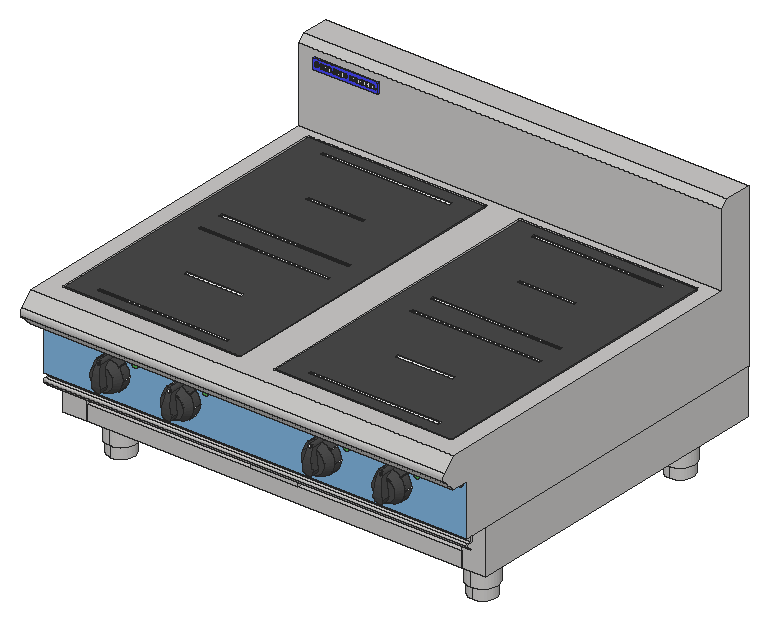
Revit family "QF_Moffat_IN514R5-B_Induction_Cooktop_cat", category Specialty Equipment, Revit 2019
Family settings
  Round Connector Dimension = Use Diameter
  Part Type = Normal
  Work Plane-Based = No
  Always vertical = Yes
  Cut with Voids When Loaded = No
  Shared = No
  Room Calculation Point = No
Parameters (values of type "IN514R5-B")
  Weight in Kilograms = 105
  Watts = 11200 W
  Volts = 400 V
  URL Cutsheet = ""
  Specification by User = ""
  Specification by Manufacturer = ""
  Show Logo [instance] = yes
  Serial Number = ""
  Seismic Rating = ""
  SMACNA No = ""
  Revision Code = ""
  Phase = 3
  Number of Poles = 1
  NAFEM Spec ID Number = ""
  Model = "IN514R5-B"
  Min Ckt Ampacity = 0 A
  Max Overcurrent Protection = 0 A
  Masterspec = ""
  Manufacturer = "Moffat"
  Length = 900 mm
  Item Number = ""
  Installed By = ""
  Identify Quantity as Lot = yes
  Height = 525 mm
  HP = ""
  Furnished By = ""
  Foodservice Equipment Identifier = yes
  FL Amps = 28 A
  Electrical Remarks = ""
  Electric Connection Type = ""
  Elec Conn RI Height = 0 mm
  Elec Conn Connection Height = 0 mm
  Description = "Induction Cooktop"
  Depth = 812.2 mm
  Cycle = 50 Hz
  Conn Plug = ""
  Conn Conduit = yes
  CSI MasterFormat = ""
  Apparent Power = if(Phase = 3, Volts * FL Amps * 1.73, Volts * FL Amps)  # 19376 VA
Reference planes
  plane 1 "BACK": y = 0
  plane 2: z = 0
  plane 3 "LEFT": x = 0
  plane 4 "RIGHT": x = 900
  plane 5 "FRONT": y = -812.2
  plane 6 "TOP": z = 525
  plane 7 "Center Y": x = 450
  plane 8 "Center X": y = -406.1
  plane 9: x = 65.5
  plane 10: x = 834.5
  plane 11: y = -30
  plane 12: x = 770
  plane 13: z = 180
  plane 14: y = -100
  plane 15: y = -625
  plane 16: z = 85
Forms (mm)
  Extrusion 1, solid, material "QF_Metal_Stainless_Polished"
    sketch origin (0, 0, 0) x (0, 1, 0) y (0, 0, 1)
      loop
        line (0, 180) -> (0, 525) -> (-57, 525) -> (-70, 512) -> (-70, 354.5) -> (-784.171, 354.5) -> (-808.685, 329.985)
        arc (-808.685, 329.985) -> (-812.2, 321.5) -> (-808.685, 313.015) r 12
        line (-808.685, 313.015) -> (-785.171, 289.5) -> (-749, 289.5) -> (-749, 180) -> (0, 180)
    from 0 to 900
  Extrusion 2, void
    sketch origin (0, -784.171, 354.5) x (0, 1, 0) y (-1, 0, 0)
      loop
        arc (44.671, -33.5) -> (40.428, -35.257) -> (38.671, -39.5) r 6
        line (38.671, -39.5) -> (38.671, -410.5)
        arc (38.671, -410.5) -> (40.428, -414.743) -> (44.671, -416.5) r 6
        line (44.671, -416.5) -> (690.671, -416.5)
        arc (690.671, -416.5) -> (694.913, -414.743) -> (696.671, -410.5) r 6
        line (696.671, -410.5) -> (696.671, -39.5)
        arc (696.671, -39.5) -> (694.913, -35.257) -> (690.671, -33.5) r 6
        line (690.671, -33.5) -> (44.671, -33.5)
      loop
        arc (44.671, -483.5) -> (40.428, -485.257) -> (38.671, -489.5) r 6
        line (38.671, -489.5) -> (38.671, -860.5)
        arc (38.671, -860.5) -> (40.428, -864.743) -> (44.671, -866.5) r 6
        line (44.671, -866.5) -> (690.671, -866.5)
        arc (690.671, -866.5) -> (694.913, -864.743) -> (696.671, -860.5) r 6
        line (696.671, -860.5) -> (696.671, -489.5)
        arc (696.671, -489.5) -> (694.913, -485.257) -> (690.671, -483.5) r 6
        line (690.671, -483.5) -> (44.671, -483.5)
    from 0 to -9.5
  Extrusion 3, solid, material "QF_Plastic_White_Smooth"
    sketch origin (0, -784.171, 345) x (0, 1, 0) y (-1, 0, 0)
      loop
        line (660.921, -362.5) -> (666.921, -362.5) -> (666.921, -87.5) -> (660.921, -87.5) -> (660.921, -362.5)
      loop
        line (526.421, -285) -> (532.421, -285) -> (532.421, -165) -> (526.421, -165) -> (526.421, -285)
      loop
        line (391.921, -362.5) -> (397.921, -362.5) -> (397.921, -87.5) -> (391.921, -87.5) -> (391.921, -362.5)
      loop
        line (343.421, -87.5) -> (337.421, -87.5) -> (337.421, -362.5) -> (343.421, -362.5) -> (343.421, -87.5)
      loop
        line (208.921, -165) -> (202.921, -165) -> (202.921, -285) -> (208.921, -285) -> (208.921, -165)
      loop
        line (68.421, -362.5) -> (74.421, -362.5) -> (74.421, -87.5) -> (68.421, -87.5) -> (68.421, -362.5)
      loop
        line (660.921, -537.5) -> (660.921, -812.5) -> (666.921, -812.5) -> (666.921, -537.5) -> (660.921, -537.5)
      loop
        line (526.421, -615) -> (526.421, -735) -> (532.421, -735) -> (532.421, -615) -> (526.421, -615)
      loop
        line (391.921, -537.5) -> (391.921, -812.5) -> (397.921, -812.5) -> (397.921, -537.5) -> (391.921, -537.5)
      loop
        line (343.421, -812.5) -> (343.421, -537.5) -> (337.421, -537.5) -> (337.421, -812.5) -> (343.421, -812.5)
      loop
        line (208.921, -735) -> (208.921, -615) -> (202.921, -615) -> (202.921, -735) -> (208.921, -735)
      loop
        line (68.421, -537.5) -> (68.421, -812.5) -> (74.421, -812.5) -> (74.421, -537.5) -> (68.421, -537.5)
    from 0 to 9.5
  Extrusion 4, solid, material "QF_Plastic_Black_Smooth"
    sketch origin (0, -784.171, 354.5) x (0, 1, 0) y (-1, 0, 0)
      loop
        line (690.671, -37.5) -> (44.671, -37.5)
        arc (44.671, -37.5) -> (43.256, -38.086) -> (42.671, -39.5) r 2
        line (42.671, -39.5) -> (42.671, -410.5)
        arc (42.671, -410.5) -> (43.256, -411.914) -> (44.671, -412.5) r 2
        line (44.671, -412.5) -> (690.671, -412.5)
        arc (690.671, -412.5) -> (692.085, -411.914) -> (692.671, -410.5) r 2
        line (692.671, -410.5) -> (692.671, -39.5)
        arc (692.671, -39.5) -> (692.085, -38.086) -> (690.671, -37.5) r 2
      loop
        line (690.671, -487.5) -> (44.671, -487.5)
        arc (44.671, -487.5) -> (43.256, -488.086) -> (42.671, -489.5) r 2
        line (42.671, -489.5) -> (42.671, -860.5)
        arc (42.671, -860.5) -> (43.256, -861.914) -> (44.671, -862.5) r 2
        line (44.671, -862.5) -> (690.671, -862.5)
        arc (690.671, -862.5) -> (692.085, -861.914) -> (692.671, -860.5) r 2
        line (692.671, -860.5) -> (692.671, -489.5)
        arc (692.671, -489.5) -> (692.085, -488.086) -> (690.671, -487.5) r 2
      loop
        line (666.921, -812.5) -> (666.921, -537.5) -> (660.921, -537.5) -> (660.921, -812.5) -> (666.921, -812.5)
      loop
        line (532.421, -735) -> (532.421, -615) -> (526.421, -615) -> (526.421, -735) -> (532.421, -735)
      loop
        line (397.921, -812.5) -> (397.921, -537.5) -> (391.921, -537.5) -> (391.921, -812.5) -> (397.921, -812.5)
      loop
        line (337.421, -812.5) -> (343.421, -812.5) -> (343.421, -537.5) -> (337.421, -537.5) -> (337.421, -812.5)
      loop
        line (208.921, -615) -> (202.921, -615) -> (202.921, -735) -> (208.921, -735) -> (208.921, -615)
      loop
        line (68.421, -812.5) -> (74.421, -812.5) -> (74.421, -537.5) -> (68.421, -537.5) -> (68.421, -812.5)
      loop
        line (68.421, -362.5) -> (74.421, -362.5) -> (74.421, -87.5) -> (68.421, -87.5) -> (68.421, -362.5)
      loop
        line (202.921, -285) -> (208.921, -285) -> (208.921, -165) -> (202.921, -165) -> (202.921, -285)
      loop
        line (337.421, -362.5) -> (343.421, -362.5) -> (343.421, -87.5) -> (337.421, -87.5) -> (337.421, -362.5)
      loop
        line (391.921, -87.5) -> (391.921, -362.5) -> (397.921, -362.5) -> (397.921, -87.5) -> (391.921, -87.5)
      loop
        line (526.421, -165) -> (526.421, -285) -> (532.421, -285) -> (532.421, -165) -> (526.421, -165)
      loop
        line (666.921, -362.5) -> (666.921, -87.5) -> (660.921, -87.5) -> (660.921, -362.5) -> (666.921, -362.5)
    from 0 to -9.5
  Extrusion 5, solid, material "QF_Metal_Stainless_Polished"
    sketch origin (0, 0, 40) x (0, 1, 0) y (0, 0, 1)
      loop
        line (-737.8, 140) -> (-737.8, 130) -> (-747.305, 130)
        arc (-747.305, 130) -> (-750.276, 128.015) -> (-749.579, 124.511) r 3.215
        line (-749.579, 124.511) -> (-739.05, 113.982) -> (-737.919, 115.113) -> (-748.447, 125.642)
        arc (-748.447, 125.642) -> (-748.797, 127.403) -> (-747.305, 128.4) r 1.615
        line (-747.305, 128.4) -> (-736.2, 128.4) -> (-736.2, 140) -> (-737.8, 140)
    from 0 to 900
  Extrusion 6, solid, material "QF_Plastic_Black_Smooth"
    sketch origin (0, -749, 181.875) x (0, 0, 1) y (-1, 0, 0)
      loop
        circle (99.343, -13.157) r 5
      loop
        circle (99.343, -886.843) r 5
      loop
        circle (99.343, -150) r 5
      loop
        circle (99.343, -300) r 5
      loop
        circle (99.343, -600) r 5
      loop
        circle (99.343, -750) r 5
    from 0 to 1.6
  Extrusion 7, solid, material "QF_Metal_Stainless_Polished"
    sketch origin (0, -699, 85) x (0, 1, 0) y (1, 0, 0)
      loop
        circle (669, 770) r 6.35
    from 0 to 1.6
  Extrusion 8, solid, material "QF_Metal_Stainless_Polished"
    sketch origin (0, -699, 85) x (1, 0, 0) y (0, -1, 0)
      loop
        line (0, -699) -> (900, -699) -> (900, 0) -> (849.2, 0) -> (849.2, -25.4) -> (50.8, -25.4) -> (50.8, 0) -> (0, 0) -> (0, -699)
    from 0 to -95
  Revolve 9, solid, material "QF_Metal_Stainless_Polished"
    sketch origin (65.5, -4572, -304.8) x (0, 0, -1) y (0, -1, 0)
      loop
        line (-304.8, -4499.5) -> (-304.8, -4472) -> (-389.8, -4472) -> (-389.8, -4503.75) -> (-329.8, -4503.75) -> (-329.8, -4499.5) -> (-304.8, -4499.5)
      axis (-389.8, -4472) -> (-304.8, -4472)
    angle from 0 to 360
  Revolve 10, solid, material "QF_Metal_Stainless_Polished"
    sketch origin (65.5, -4572, -304.8) x (0, 0, -1) y (0, -1, 0)
      loop
        line (-304.8, -3974.5) -> (-304.8, -3947) -> (-389.8, -3947) -> (-389.8, -3978.75) -> (-329.8, -3978.75) -> (-329.8, -3974.5) -> (-304.8, -3974.5)
      axis (-389.8, -3947) -> (-304.8, -3947)
    angle from 0 to 360
  Revolve 11, solid, material "QF_Metal_Stainless_Polished"
    sketch origin (834.5, -4572, -304.8) x (0, 0, -1) y (0, 1, 0)
      loop
        line (-304.8, 4499.5) -> (-329.8, 4499.5) -> (-329.8, 4503.75) -> (-389.8, 4503.75) -> (-389.8, 4472) -> (-304.8, 4472) -> (-304.8, 4499.5)
      axis (-389.8, 4472) -> (-304.8, 4472)
    angle from 0 to 360
  Revolve 12, solid, material "QF_Metal_Stainless_Polished"
    sketch origin (834.5, -4572, -304.8) x (0, 0, -1) y (0, 1, 0)
      loop
        line (-304.8, 3974.5) -> (-329.8, 3974.5) -> (-329.8, 3978.75) -> (-389.8, 3978.75) -> (-389.8, 3947) -> (-304.8, 3947) -> (-304.8, 3974.5)
      axis (-389.8, 3947) -> (-304.8, 3947)
    angle from 0 to 360
  Extrusion 13, solid, material "QF_Paint_Green"
    sketch origin (-87.5, -749, 181.7) x (0, 0, 1) y (-1, 0, 0)
      loop
        circle (84.8, -282.5) r 7.15
    from 0 to 1.6
  Extrusion 14, solid, material "QF_Paint_Green"
    sketch origin (62.5, -749, 181.7) x (0, 0, 1) y (-1, 0, 0)
      loop
        circle (84.8, -282.5) r 7.15
    from 0 to 1.6
  Extrusion 15, solid, material "QF_Paint_Green"
    sketch origin (362.5, -749, 181.7) x (0, 0, 1) y (-1, 0, 0)
      loop
        circle (84.8, -282.5) r 7.15
    from 0 to 1.6
  Extrusion 16, solid, material "QF_Paint_Green"
    sketch origin (512.5, -749, 181.7) x (0, 0, 1) y (-1, 0, 0)
      loop
        circle (84.8, -282.5) r 7.15
    from 0 to 1.6
  Extrusion 17, solid, material "QF_Metal_Stainless_Polished"
    sketch origin (849.2, -673.6, 85) x (-1, 0, 0) y (0, 0, -1)
      loop
        line (798.4, -32.7) -> (798.4, 0) -> (0, 0) -> (0, -32.7) -> (798.4, -32.7)
      loop
        line (798.4, -42.7) -> (450, -42.7) -> (450, -66.4) -> (798.4, -66.4) -> (798.4, -42.7)
      loop
        line (0, -67.4) -> (0, -95) -> (798.4, -95) -> (798.4, -67.4) -> (0, -67.4)
      loop
        line (348.4, -42.7) -> (0, -42.7) -> (0, -66.4) -> (348.4, -66.4) -> (348.4, -42.7)
    from 0 to 25.4
  Extrusion 18, solid, material "QF_Metal_Stainless_Polished"
    sketch origin (849.2, -673.6, 85) x (1, 0, 0) y (0, 0, -1)
      loop
        line (-450, -67.4) -> (-348.4, -67.4) -> (-348.4, -32.7) -> (-450, -32.7) -> (-450, -67.4)
    from 0 to -25.4
Cuts and joins
  Extrusion 2 cuts Extrusion 1
Lines and regions (mm)
  symbolic lines
    curve 1: line (0, 0, 0) -> (900, 0, 0)
    curve 2: line (0, -812.2, 0) -> (0, 0, 0)
    curve 3: line (900, -812.2, 0) -> (0, -812.2, 0)
    curve 4: line (900, 0, 0) -> (900, -812.2, 0)
    curve 5: line (0, -57, 0) -> (900, -57, 0)
    curve 6: line (0, -70, 0) -> (900, -70, 0)
    curve 7: line (0, -784.171, 0) -> (900, -784.171, 0)
    curve 8: line (410.5, -745.5, 0) -> (39.5, -745.5, 0)
    curve 9: arc (39.5, -745.5, 0) -> (35.257, -743.743, 0) -> (33.5, -739.5, 0) r 6
    curve 10: line (33.5, -739.5, 0) -> (33.5, -93.5, 0)
    curve 11: arc (33.5, -93.5, 0) -> (35.257, -89.257, 0) -> (39.5, -87.5, 0) r 6
    curve 12: line (39.5, -87.5, 0) -> (410.5, -87.5, 0)
    curve 13: arc (410.5, -87.5, 0) -> (414.743, -89.257, 0) -> (416.5, -93.5, 0) r 6
    curve 14: line (416.5, -93.5, 0) -> (416.5, -739.5, 0)
    curve 15: arc (416.5, -739.5, 0) -> (414.743, -743.743, 0) -> (410.5, -745.5, 0) r 6
    curve 16: line (39.5, -741.5, 0) -> (410.5, -741.5, 0)
    curve 17: arc (410.5, -741.5, 0) -> (411.914, -740.914, 0) -> (412.5, -739.5, 0) r 2
    curve 18: line (412.5, -739.5, 0) -> (412.5, -93.5, 0)
    curve 19: arc (412.5, -93.5, 0) -> (411.914, -92.086, 0) -> (410.5, -91.5, 0) r 2
    curve 20: line (410.5, -91.5, 0) -> (39.5, -91.5, 0)
    curve 21: arc (39.5, -91.5, 0) -> (38.086, -92.086, 0) -> (37.5, -93.5, 0) r 2
    curve 22: line (37.5, -93.5, 0) -> (37.5, -739.5, 0)
    curve 23: arc (37.5, -739.5, 0) -> (38.086, -740.914, 0) -> (39.5, -741.5, 0) r 2
    curve 24: line (362.5, -715.75, 0) -> (87.5, -715.75, 0)
    curve 25: line (87.5, -715.75, 0) -> (87.5, -709.75, 0)
    curve 26: line (87.5, -709.75, 0) -> (362.5, -709.75, 0)
    curve 27: line (362.5, -709.75, 0) -> (362.5, -715.75, 0)
    curve 28: line (285, -581.25, 0) -> (165, -581.25, 0)
    curve 29: line (165, -581.25, 0) -> (165, -575.25, 0)
    curve 30: line (165, -575.25, 0) -> (285, -575.25, 0)
    curve 31: line (285, -575.25, 0) -> (285, -581.25, 0)
    curve 32: line (362.5, -446.75, 0) -> (87.5, -446.75, 0)
    curve 33: line (87.5, -446.75, 0) -> (87.5, -440.75, 0)
    curve 34: line (87.5, -440.75, 0) -> (362.5, -440.75, 0)
    curve 35: line (362.5, -440.75, 0) -> (362.5, -446.75, 0)
    curve 36: line (362.5, -392.25, 0) -> (87.5, -392.25, 0)
    curve 37: line (87.5, -392.25, 0) -> (87.5, -386.25, 0)
    curve 38: line (87.5, -386.25, 0) -> (362.5, -386.25, 0)
    curve 39: line (362.5, -386.25, 0) -> (362.5, -392.25, 0)
    curve 40: line (285, -257.75, 0) -> (165, -257.75, 0)
    curve 41: line (165, -257.75, 0) -> (165, -251.75, 0)
    curve 42: line (165, -251.75, 0) -> (285, -251.75, 0)
    curve 43: line (285, -251.75, 0) -> (285, -257.75, 0)
    curve 44: line (362.5, -123.25, 0) -> (87.5, -123.25, 0)
    curve 45: line (87.5, -123.25, 0) -> (87.5, -117.25, 0)
    curve 46: line (87.5, -117.25, 0) -> (362.5, -117.25, 0)
    curve 47: line (362.5, -117.25, 0) -> (362.5, -123.25, 0)
    curve 48: line (860.5, -91.5, 0) -> (489.5, -91.5, 0)
    curve 49: arc (489.5, -91.5, 0) -> (488.086, -92.086, 0) -> (487.5, -93.5, 0) r 2
    curve 50: line (487.5, -93.5, 0) -> (487.5, -739.5, 0)
    curve 51: arc (487.5, -739.5, 0) -> (488.086, -740.914, 0) -> (489.5, -741.5, 0) r 2
    curve 52: line (489.5, -741.5, 0) -> (860.5, -741.5, 0)
    curve 53: arc (860.5, -741.5, 0) -> (861.914, -740.914, 0) -> (862.5, -739.5, 0) r 2
    curve 54: line (862.5, -739.5, 0) -> (862.5, -93.5, 0)
    curve 55: arc (862.5, -93.5, 0) -> (861.914, -92.086, 0) -> (860.5, -91.5, 0) r 2
    curve 56: line (489.5, -87.5, 0) -> (860.5, -87.5, 0)
    curve 57: arc (860.5, -87.5, 0) -> (864.743, -89.257, 0) -> (866.5, -93.5, 0) r 6
    curve 58: line (866.5, -93.5, 0) -> (866.5, -739.5, 0)
    curve 59: arc (866.5, -739.5, 0) -> (864.743, -743.743, 0) -> (860.5, -745.5, 0) r 6
    curve 60: line (860.5, -745.5, 0) -> (489.5, -745.5, 0)
    curve 61: arc (489.5, -745.5, 0) -> (485.257, -743.743, 0) -> (483.5, -739.5, 0) r 6
    curve 62: line (483.5, -739.5, 0) -> (483.5, -93.5, 0)
    curve 63: arc (483.5, -93.5, 0) -> (485.257, -89.257, 0) -> (489.5, -87.5, 0) r 6
    curve 64: line (537.5, -117.25, 0) -> (812.5, -117.25, 0)
    curve 65: line (812.5, -117.25, 0) -> (812.5, -123.25, 0)
    curve 66: line (812.5, -123.25, 0) -> (537.5, -123.25, 0)
    curve 67: line (537.5, -123.25, 0) -> (537.5, -117.25, 0)
    curve 68: line (735, -257.75, 0) -> (615, -257.75, 0)
    curve 69: line (615, -257.75, 0) -> (615, -251.75, 0)
    curve 70: line (615, -251.75, 0) -> (735, -251.75, 0)
    curve 71: line (735, -251.75, 0) -> (735, -257.75, 0)
    curve 72: line (537.5, -386.25, 0) -> (812.5, -386.25, 0)
    curve 73: line (812.5, -386.25, 0) -> (812.5, -392.25, 0)
    curve 74: line (812.5, -392.25, 0) -> (537.5, -392.25, 0)
    curve 75: line (537.5, -392.25, 0) -> (537.5, -386.25, 0)
    curve 76: line (812.5, -446.75, 0) -> (537.5, -446.75, 0)
    curve 77: line (537.5, -446.75, 0) -> (537.5, -440.75, 0)
    curve 78: line (537.5, -440.75, 0) -> (812.5, -440.75, 0)
    curve 79: line (812.5, -440.75, 0) -> (812.5, -446.75, 0)
    curve 80: line (735, -581.25, 0) -> (615, -581.25, 0)
    curve 81: line (615, -581.25, 0) -> (615, -575.25, 0)
    curve 82: line (615, -575.25, 0) -> (735, -575.25, 0)
    curve 83: line (735, -575.25, 0) -> (735, -581.25, 0)
    curve 84: line (812.5, -715.75, 0) -> (537.5, -715.75, 0)
    curve 85: line (537.5, -715.75, 0) -> (537.5, -709.75, 0)
    curve 86: line (537.5, -709.75, 0) -> (812.5, -709.75, 0)
    curve 87: line (812.5, -709.75, 0) -> (812.5, -715.75, 0)
Dimensions and locks
  equal spacing: plane 3 "LEFT", plane 7 "Center Y", plane 4 "RIGHT"
  "Length": plane 3 "LEFT" to plane 4 "RIGHT"
  equal spacing: plane 5 "FRONT", plane 8 "Center X", plane 1 "BACK"
  "Depth": plane 5 "FRONT" to plane 1 "BACK"
  "Height": plane 6 "TOP" to level
  plane 9 to plane 10 = 769 mm
  plane 4 "RIGHT" to plane 3 "LEFT" = 900 mm
  plane 1 "BACK" to cut or joined group of Extrusion 1, Extrusion 2 = 70 mm
  plane 1 "BACK" to plane 5 "FRONT" = 812.2 mm
  plane 6 "TOP" to plane 2 = 525 mm
  cut or joined group of Extrusion 1, Extrusion 2 to plane 2 = 354.5 mm
  locked: plane 12 to plane 4 "RIGHT" at 130
  plane 1 "BACK" to plane 11 = 30 mm
  plane 1 "BACK" to plane 14 to plane 15 = 100 mm, 525 mm
  plane 16 to plane 2 = 85 mm
  aligned and locked: level to plane 2
Automatic sketch dimensions
  Extrusion 1 sketch curve to plane 6 "TOP" = 0 mm
  Extrusion 1 sketch curve to plane 1 "BACK" = 0 mm
  plane 11 to Extrusion 1 sketch curve = 27 mm
  Extrusion 1 sketch curve to plane 6 "TOP" = 13 mm
  Extrusion 1 sketch curve to Extrusion 1 sketch curve = 13 mm
  Extrusion 1 sketch curve to plane 5 "FRONT" = 63.2 mm
  Extrusion 1 sketch curve to plane 5 "FRONT" = 28.029 mm
  Extrusion 1 sketch curve to plane 5 "FRONT" = 27.029 mm
  Extrusion 1 sketch curve to plane 5 "FRONT" = 12 mm
  Extrusion 1 sketch curve to plane 5 "FRONT" = 3.515 mm  (x2)
  Extrusion 1 sketch curve to plane 6 "TOP" = 170.5 mm
  Extrusion 1 sketch curve to Extrusion 1 sketch curve = 24.515 mm
  Extrusion 1 sketch curve to Extrusion 1 sketch curve = 8.485 mm
  Extrusion 1 sketch curve to Extrusion 1 sketch curve = 32 mm
  Extrusion 1 sketch curve to plane 13 = 0 mm
  Extrusion 5 sketch curve to Extrusion 5 sketch curve = 0 mm  (x2)
  plane 13 to Extrusion 5 sketch curve = 15.489 mm
  Extrusion 5 sketch curve to plane 5 "FRONT" = 62.621 mm
  plane 13 to Extrusion 5 sketch curve = 14.358 mm
  Extrusion 5 sketch curve to Extrusion 5 sketch curve = 1.131 mm
  Extrusion 5 sketch curve to Extrusion 5 sketch curve = 1.142 mm  (x2)
  plane 13 to Extrusion 5 sketch curve = 26.018 mm
  Extrusion 5 sketch curve to Extrusion 5 sketch curve = 10.529 mm
  Extrusion 5 sketch curve to Extrusion 5 sketch curve = 9.505 mm
  Extrusion 5 sketch curve to plane 13 = 0 mm
  Extrusion 5 sketch curve to Extrusion 5 sketch curve = 1.6 mm
  Extrusion 8 to Extrusion 7 sketch curve = 30 mm
  Extrusion 7 sketch curve to Extrusion 8 = 79.2 mm
  plane 1 "BACK" to Extrusion 8 sketch curve = 0 mm
  Extrusion 8 sketch curve to plane 3 "LEFT" = 0 mm
  Extrusion 8 sketch curve to plane 4 "RIGHT" = 0 mm
  plane 9 to Extrusion 8 sketch curve = 14.7 mm
  Extrusion 8 sketch curve to plane 10 = 14.7 mm
  plane 15 to Extrusion 8 sketch curve = 48.6 mm
  Extrusion 8 sketch curve to Extrusion 8 sketch curve = 25.4 mm  (x2)
  Revolve 9 sketch curve to plane 14 = 0 mm  (x2)
  Revolve 9 sketch curve to plane 16 = 0 mm
  Revolve 9 sketch curve to level = 0 mm  (x2)
  level to Revolve 9 sketch curve = 25 mm
  Revolve 9 sketch curve to plane 14 = 27.5 mm
  Revolve 9 sketch curve to plane 14 = 31.75 mm
  Revolve 9 sketch curve to Revolve 9 sketch curve = 25 mm
  Revolve 10 sketch curve to plane 15 = 0 mm  (x2)
  Revolve 10 sketch curve to plane 16 = 0 mm
  Revolve 10 sketch curve to level = 0 mm  (x2)
  level to Revolve 10 sketch curve = 25 mm
  Revolve 10 sketch curve to plane 15 = 27.5 mm
  Revolve 10 sketch curve to plane 15 = 31.75 mm
  Revolve 10 sketch curve to Revolve 10 sketch curve = 25 mm
  Revolve 11 sketch curve to plane 14 = 0 mm  (x2)
  Revolve 11 sketch curve to plane 16 = 0 mm
  Revolve 11 sketch curve to level = 0 mm  (x2)
  level to Revolve 11 sketch curve = 25 mm
  Revolve 11 sketch curve to plane 14 = 27.5 mm
  Revolve 11 sketch curve to Revolve 11 sketch curve = 4.25 mm
  Revolve 11 sketch curve to Revolve 11 sketch curve = 25 mm
  Revolve 12 sketch curve to plane 15 = 0 mm  (x2)
  Revolve 12 sketch curve to plane 16 = 0 mm
  Revolve 12 sketch curve to level = 0 mm  (x2)
  level to Revolve 12 sketch curve = 25 mm
  Revolve 12 sketch curve to plane 15 = 27.5 mm
  Revolve 12 sketch curve to Revolve 12 sketch curve = 4.25 mm
  Revolve 12 sketch curve to Revolve 12 sketch curve = 25 mm
  Extrusion 1 to Extrusion 13 sketch curve = 23 mm
  Extrusion 1 to Extrusion 13 sketch curve = 195 mm
  Extrusion 1 to Extrusion 14 sketch curve = 23 mm
  Extrusion 1 to Extrusion 14 sketch curve = 345 mm
  Extrusion 1 to Extrusion 15 sketch curve = 23 mm
  Extrusion 1 to Extrusion 15 sketch curve = 255 mm
  Extrusion 1 to Extrusion 16 sketch curve = 23 mm
  Extrusion 1 to Extrusion 16 sketch curve = 105 mm
  Extrusion 17 sketch curve to Extrusion 8 = 0 mm  (x8)
  Extrusion 8 to Extrusion 17 sketch curve = 42.7 mm
  Extrusion 17 sketch curve to Extrusion 8 = 348.4 mm
  Extrusion 8 to Extrusion 17 sketch curve = 28.6 mm
  Extrusion 17 sketch curve to Extrusion 17 sketch curve = 101.6 mm
  Extrusion 17 sketch curve to Extrusion 17 sketch curve = 24.7 mm
  Extrusion 17 sketch curve to Extrusion 17 sketch curve = 23.7 mm  (x2)
  Extrusion 17 sketch curve to Extrusion 17 sketch curve = 10 mm
  Extrusion 18 sketch curve to Extrusion 17 = 0 mm  (x3)
  Extrusion 17 to Extrusion 18 sketch curve = 0 mm
  Extrusion 2 sketch curve to Extrusion 1 = 38.671 mm  (x2)
  Extrusion 2 sketch curve to Extrusion 2 sketch curve = 6 mm  (x6)
  Extrusion 1 to Extrusion 2 sketch curve = 23.5 mm  (x4)
  Extrusion 1 to Extrusion 2 sketch curve = 416.5 mm
  Extrusion 1 to Extrusion 2 sketch curve = 39.5 mm  (x2)
  Extrusion 2 sketch curve to Extrusion 2 sketch curve = 67 mm
  Extrusion 4 sketch curve to Extrusion 1 = 42.671 mm  (x2)
  Extrusion 4 sketch curve to Extrusion 4 sketch curve = 2 mm  (x6)
  Extrusion 1 to Extrusion 4 sketch curve = 23.5 mm  (x4)
  Extrusion 1 to Extrusion 4 sketch curve = 412.5 mm
  Extrusion 1 to Extrusion 4 sketch curve = 39.5 mm  (x2)
  Extrusion 4 sketch curve to Extrusion 4 sketch curve = 75 mm
  Extrusion 1 to Extrusion 4 sketch curve = 53.25 mm  (x2)
  Extrusion 4 sketch curve to Extrusion 4 sketch curve = 6 mm  (x12)
  Extrusion 4 sketch curve to Extrusion 4 sketch curve = 48 mm  (x8)
  Extrusion 4 sketch curve to Extrusion 4 sketch curve = 134.5 mm  (x3)
  Extrusion 4 sketch curve to Extrusion 4 sketch curve = 77.5 mm  (x6)
  Extrusion 4 sketch curve to Extrusion 4 sketch curve = 120 mm  (x4)
  Extrusion 1 to Extrusion 4 sketch curve = 87.5 mm  (x2)
  Extrusion 4 sketch curve to Extrusion 4 sketch curve = 54.5 mm
  Extrusion 4 sketch curve to Extrusion 4 sketch curve = 0 mm  (x4)
  Extrusion 4 sketch curve to Extrusion 4 sketch curve = 23.75 mm  (x2)
  Extrusion 4 sketch curve to Extrusion 4 sketch curve = 128.5 mm  (x3)
  Extrusion 4 sketch curve to Extrusion 4 sketch curve = 48.5 mm
  Extrusion 3 sketch curve to Extrusion 2 = 29.75 mm  (x2)
  Extrusion 3 sketch curve to Extrusion 3 sketch curve = 6 mm  (x12)
  Extrusion 3 sketch curve to Extrusion 3 sketch curve = 128.5 mm  (x6)
  Extrusion 3 sketch curve to Extrusion 2 = 54 mm  (x13)
  Extrusion 3 sketch curve to Extrusion 3 sketch curve = 48.5 mm  (x2)
  Extrusion 3 sketch curve to Extrusion 2 = 35.75 mm  (x2)
  Extrusion 3 sketch curve to Extrusion 3 sketch curve = 0 mm  (x3)
  Extrusion 3 sketch curve to Extrusion 2 = 131.5 mm  (x4)
  Extrusion 3 sketch curve to Extrusion 3 sketch curve = 120 mm  (x4)
  Extrusion 1 to Extrusion 6 sketch curve = 8.282 mm  (x6)
  Extrusion 1 to Extrusion 6 sketch curve = 13.157 mm  (x2)
  Extrusion 6 sketch curve to Extrusion 6 sketch curve = 136.843 mm
  Extrusion 6 sketch curve to Extrusion 6 sketch curve = 150 mm
  Extrusion 1 to Extrusion 6 sketch curve = 300 mm
  Extrusion 1 to Extrusion 6 sketch curve = 150 mm
  curve 3 to plane 3 "LEFT" = 0 mm
  curve 3 to plane 4 "RIGHT" = 0 mm
  plane 5 "FRONT" to curve 3 = 0 mm
  plane 1 "BACK" to curve 2 = 0 mm
  plane 11 to curve 5 = 27 mm
  curve 6 to curve 5 = 13 mm
  curve 3 to curve 7 = 28.029 mm
  plane 9 to curve 10 = 32 mm
  curve 10 to curve 12 = 6 mm
  curve 9 to curve 8 = 6 mm
  curve 8 to plane 7 "Center Y" = 39.5 mm
  curve 13 to plane 14 = 6.5 mm
  curve 13 to plane 7 "Center Y" = 39.5 mm
  curve 15 to curve 14 = 6 mm
  curve 7 to curve 8 = 38.671 mm
  curve 9 to curve 23 = 0 mm  (x2)
  curve 11 to curve 21 = 0 mm  (x2)
  curve 13 to curve 19 = 0 mm  (x2)
  curve 15 to curve 17 = 0 mm
  curve 22 to curve 11 = 2 mm
  curve 24 to plane 9 = 22 mm
  curve 26 to curve 17 = 48 mm
  curve 23 to curve 25 = 23.75 mm
  curve 24 to curve 26 = 6 mm
  curve 29 to plane 15 = 43.75 mm
  curve 29 to plane 9 = 99.5 mm
  curve 28 to curve 28 = 120 mm
  curve 28 to curve 31 = 6 mm
  curve 32 to plane 9 = 22 mm
  curve 35 to plane 8 "Center X" = 40.65 mm
  curve 35 to plane 7 "Center Y" = 87.5 mm
  curve 32 to curve 34 = 6 mm
  curve 38 to plane 9 = 22 mm
  plane 8 "Center X" to curve 36 = 13.85 mm
  curve 36 to curve 34 = 0 mm
  curve 36 to curve 38 = 6 mm
  curve 40 to plane 9 = 99.5 mm
  curve 40 to curve 43 = 120 mm
  plane 8 "Center X" to curve 40 = 148.35 mm
  curve 40 to curve 42 = 6 mm
  curve 46 to plane 9 = 22 mm
  plane 14 to curve 47 = 23.25 mm
  curve 47 to curve 19 = 48 mm
  curve 44 to curve 47 = 6 mm
  plane 7 "Center Y" to curve 50 = 37.5 mm
  curve 50 to curve 52 = 2 mm
  curve 49 to curve 49 = 2 mm
  curve 53 to plane 10 = 26 mm
  curve 55 to plane 14 = 6.5 mm
  curve 55 to plane 10 = 26 mm
  curve 55 to curve 54 = 2 mm
  curve 7 to curve 52 = 42.671 mm
  curve 49 to curve 63 = 0 mm  (x2)
  curve 51 to curve 61 = 0 mm  (x2)
  curve 53 to curve 59 = 0 mm  (x2)
  curve 55 to curve 57 = 0 mm
  curve 62 to curve 50 = 4 mm
  plane 14 to curve 67 = 17.25 mm
  curve 49 to curve 67 = 48 mm
  plane 10 to curve 65 = 22 mm
  curve 65 to curve 64 = 6 mm
  plane 12 to curve 69 = 155 mm
  plane 12 to curve 70 = 35 mm
  plane 8 "Center X" to curve 68 = 148.35 mm
  curve 68 to curve 71 = 6 mm
  plane 8 "Center X" to curve 72 = 19.85 mm
  plane 7 "Center Y" to curve 72 = 87.5 mm
  plane 10 to curve 72 = 22 mm
  curve 73 to curve 72 = 6 mm
  curve 78 to curve 74 = 0 mm
  plane 10 to curve 76 = 22 mm
  curve 77 to plane 8 "Center X" = 40.65 mm
  curve 76 to curve 78 = 6 mm
  curve 81 to plane 15 = 49.75 mm
  curve 76 to curve 81 = 77.5 mm
  plane 12 to curve 83 = 35 mm
  curve 83 to curve 82 = 6 mm
  curve 51 to curve 84 = 48 mm
  plane 10 to curve 84 = 22 mm
  curve 53 to curve 87 = 23.75 mm
  curve 84 to curve 87 = 6 mm
  radius of Extrusion 7 sketch curve = 6.35 mm
  radius of Extrusion 13 sketch curve = 7.15 mm
  radius of Extrusion 14 sketch curve = 7.15 mm
  radius of Extrusion 15 sketch curve = 7.15 mm
  radius of Extrusion 16 sketch curve = 7.15 mm
  radius of Extrusion 6 sketch curve = 5 mm  (x6)
Nested families
  nested 1: "QF_LOGO_BLue Seal" at (32, -70, 474.385), visible <- "Show Logo", type "QF_LOGO_BLue Seal"
  nested 2: "Knob" at (117.5, -739.5, 204.5), type "Knob"
  nested 3: "Knob" at (267.5, -739.5, 204.5), type "Knob"
  nested 4: "Knob" at (567.5, -739.5, 204.5), type "Knob"
  nested 5: "Knob" at (717.5, -739.5, 204.5), type "Knob"
Connectors
  electrical at (770, -30, 83.4), driven by "Volts", driven by "Watts"
    settings: on Extrusion 7, index 1, voltage 400 V, apparent load 11200 VA, apparent load phase1 0 VA, apparent load phase2 0 VA, apparent load phase3 0 VA, power factor 1, load classification "Other", number of poles 1, system type 30, power factor state 1, is connector primary yes, connector utility no, sub classification motor no, connector description "Electrical Connection"
Definition of nested family "QF_LOGO_BLue Seal"
  Parameters (values of type "QF_LOGO_BLue Seal")
    Weight in Pounds = 0
    URL Cutsheet = ""
    Specification by User = ""
    Specification by Manufacturer = ""
    Serial Number = ""
    Seismic Rating = ""
    SMACNA No = ""
    Revision Code = ""
    NAFEM Spec ID Number = ""
    Masterspec = ""
    Length = 138 mm
    Item Number = ""
    Installed By = ""
    Identify Quantity as Lot = yes
    Height = 23 mm
    Furnished By = ""
    Foodservice Equipment Identifier = yes
    Depth = 3.175 mm
    CSI MasterFormat = ""
  Reference planes
    plane 1 "BACK": y = 0
    plane 2: z = 0
    plane 3 "LEFT": x = 0
    plane 4 "RIGHT": x = 138
    plane 5 "FRONT": y = -3.175
    plane 6 "TOP": z = 23
    plane 7 "Center Y": x = 69
    plane 8 "Center X": y = -1.587
  Forms (mm)
    Extrusion 1, solid
      sketch origin (0, 0, 0) x (1, 0, 0) y (0, 0, 1)
        loop
          arc (2, 23) -> (0.586, 22.414) -> (0, 21) r 2
          line (0, 21) -> (0, 2)
          arc (0, 2) -> (0.586, 0.586) -> (2, 0) r 2
          line (2, 0) -> (136, 0)
          arc (136, 0) -> (137.414, 0.586) -> (138, 2) r 2
          line (138, 2) -> (138, 21)
          arc (138, 21) -> (137.414, 22.414) -> (136, 23) r 2
          line (136, 23) -> (2, 23)
        loop
          arc (16.625, 15.317) -> (15.943, 15.034) -> (15.66, 14.352) r 0.965
          line (15.66, 14.352) -> (15.66, 8.169)
          arc (15.66, 8.169) -> (15.953, 7.461) -> (16.66, 7.169) r 1
          line (16.66, 7.169) -> (27.958, 7.169)
          arc (27.958, 7.169) -> (29.995, 9.206) -> (27.958, 11.243) r 2.037
          arc (27.958, 11.243) -> (29.995, 13.28) -> (27.958, 15.317) r 2.037
          line (27.958, 15.317) -> (16.625, 15.317)
        loop
          line (21.163, 13.835) -> (21.163, 12.291) -> (23.596, 12.291)
          arc (23.596, 12.291) -> (24.368, 13.063) -> (23.596, 13.835) r 0.772
          line (23.596, 13.835) -> (21.163, 13.835)
        loop
          line (21.163, 8.544) -> (23.596, 8.544)
          arc (23.596, 8.544) -> (24.368, 9.316) -> (23.596, 10.089) r 0.772
          line (23.596, 10.089) -> (21.163, 10.089) -> (21.163, 8.544)
        loop
          arc (32.475, 15.317) -> (31.768, 15.024) -> (31.475, 14.317) r 1
          line (31.475, 14.317) -> (31.475, 8.169)
          arc (31.475, 8.169) -> (31.768, 7.461) -> (32.475, 7.169) r 1
          line (32.475, 7.169) -> (41.849, 7.169)
          arc (41.849, 7.169) -> (42.859, 8.178) -> (41.849, 9.188) r 1.01
          line (41.849, 9.188) -> (37.262, 9.188) -> (37.262, 14.317)
          arc (37.262, 14.317) -> (36.969, 15.024) -> (36.262, 15.317) r 1
          line (36.262, 15.317) -> (32.475, 15.317)
        loop
          arc (44.648, 15.317) -> (43.941, 15.024) -> (43.648, 14.317) r 1
          line (43.648, 14.317) -> (43.648, 9.124)
          arc (43.648, 9.124) -> (44.221, 7.741) -> (45.604, 7.169) r 1.956
          line (45.604, 7.169) -> (55.306, 7.169)
          arc (55.306, 7.169) -> (56.749, 7.766) -> (57.347, 9.209) r 2.04
          line (57.347, 9.209) -> (57.347, 14.358)
          arc (57.347, 14.358) -> (57.066, 15.036) -> (56.388, 15.317) r 0.959
          line (56.388, 15.317) -> (52.676, 15.317)
          arc (52.676, 15.317) -> (51.968, 15.024) -> (51.676, 14.317) r 1
          line (51.676, 14.317) -> (51.676, 10.17)
          arc (51.676, 10.17) -> (50.529, 9.024) -> (49.383, 10.17) r 1.146
          line (49.383, 10.17) -> (49.383, 14.317)
          arc (49.383, 14.317) -> (49.09, 15.024) -> (48.383, 15.317) r 1
          line (48.383, 15.317) -> (44.648, 15.317)
        loop
          arc (60.035, 15.317) -> (59.328, 15.024) -> (59.035, 14.317) r 1
          line (59.035, 14.317) -> (59.035, 8.169)
          arc (59.035, 8.169) -> (59.328, 7.461) -> (60.035, 7.169) r 1
          line (60.035, 7.169) -> (69.845, 7.169)
          arc (69.845, 7.169) -> (70.828, 8.152) -> (69.845, 9.135) r 0.983
          line (69.845, 9.135) -> (65.06, 9.135) -> (65.06, 10.415) -> (69.988, 10.415)
          arc (69.988, 10.415) -> (70.828, 11.255) -> (69.988, 12.095) r 0.84
          line (69.988, 12.095) -> (65.06, 12.095) -> (65.06, 13.215) -> (69.777, 13.215)
          arc (69.777, 13.215) -> (70.828, 14.266) -> (69.777, 15.317) r 1.051
          line (69.777, 15.317) -> (60.035, 15.317)
        loop
          line (77.315, 14.317) -> (77.315, 11.634)
          arc (77.315, 11.634) -> (77.608, 10.927) -> (78.315, 10.634) r 1
          line (78.315, 10.634) -> (85.957, 10.634) -> (85.957, 8.756) -> (82.871, 8.756) -> (82.871, 9.708) -> (77.315, 9.708) -> (77.315, 8.169)
          arc (77.315, 8.169) -> (77.608, 7.461) -> (78.315, 7.169) r 1
          line (78.315, 7.169) -> (90.614, 7.169)
          arc (90.614, 7.169) -> (91.321, 7.461) -> (91.614, 8.169) r 1
          line (91.614, 8.169) -> (91.614, 11.073)
          arc (91.614, 11.073) -> (91.322, 11.778) -> (90.617, 12.07) r 0.996
          line (90.617, 12.07) -> (82.871, 12.07) -> (82.871, 13.786) -> (85.957, 13.786) -> (85.957, 12.856) -> (91.614, 12.856) -> (91.614, 14.317)
          arc (91.614, 14.317) -> (91.321, 15.024) -> (90.614, 15.317) r 1
          line (90.614, 15.317) -> (78.315, 15.317)
          arc (78.315, 15.317) -> (77.608, 15.024) -> (77.315, 14.317) r 1
        loop
          arc (107.404, 15.317) -> (106.697, 15.024) -> (106.404, 14.317) r 1
          line (106.404, 14.317) -> (106.404, 8.169)
          arc (106.404, 8.169) -> (106.697, 7.461) -> (107.404, 7.169) r 1
          line (107.404, 7.169) -> (111.34, 7.169)
          arc (111.34, 7.169) -> (112.047, 7.461) -> (112.34, 8.169) r 1
          line (112.34, 8.169) -> (112.34, 9.135) -> (115.1, 9.135) -> (115.1, 8.169)
          arc (115.1, 8.169) -> (115.393, 7.461) -> (116.1, 7.169) r 1
          line (116.1, 7.169) -> (119.975, 7.169)
          arc (119.975, 7.169) -> (120.682, 7.461) -> (120.975, 8.169) r 1
          line (120.975, 8.169) -> (120.975, 14.317)
          arc (120.975, 14.317) -> (120.682, 15.024) -> (119.975, 15.317) r 1
          line (119.975, 15.317) -> (107.404, 15.317)
        loop
          arc (94.016, 15.317) -> (93.309, 15.024) -> (93.016, 14.317) r 1
          line (93.016, 14.317) -> (93.016, 8.169)
          arc (93.016, 8.169) -> (93.309, 7.461) -> (94.016, 7.169) r 1
          line (94.016, 7.169) -> (103.826, 7.169)
          arc (103.826, 7.169) -> (104.809, 8.152) -> (103.826, 9.135) r 0.983
          line (103.826, 9.135) -> (99.041, 9.135) -> (99.041, 10.415) -> (103.969, 10.415)
          arc (103.969, 10.415) -> (104.809, 11.255) -> (103.969, 12.095) r 0.84
          line (103.969, 12.095) -> (99.041, 12.095) -> (99.041, 13.215) -> (103.759, 13.215)
          arc (103.759, 13.215) -> (104.809, 14.266) -> (103.759, 15.317) r 1.051
          line (103.759, 15.317) -> (94.016, 15.317)
        loop
          line (112.34, 11.583) -> (115.1, 11.583) -> (115.1, 12.915)
          arc (115.1, 12.915) -> (114.954, 13.268) -> (114.6, 13.415) r 0.5
          line (114.6, 13.415) -> (112.84, 13.415)
          arc (112.84, 13.415) -> (112.487, 13.268) -> (112.34, 12.915) r 0.5
          line (112.34, 12.915) -> (112.34, 11.583)
        loop
          arc (123.692, 15.317) -> (122.985, 15.024) -> (122.692, 14.317) r 1
          line (122.692, 14.317) -> (122.692, 8.169)
          arc (122.692, 8.169) -> (122.985, 7.461) -> (123.692, 7.169) r 1
          line (123.692, 7.169) -> (133.067, 7.169)
          arc (133.067, 7.169) -> (134.076, 8.178) -> (133.067, 9.188) r 1.01
          line (133.067, 9.188) -> (128.479, 9.188) -> (128.479, 14.317)
          arc (128.479, 14.317) -> (128.186, 15.024) -> (127.479, 15.317) r 1
          line (127.479, 15.317) -> (123.692, 15.317)
        loop
          circle (8.135, 11.2) r 4.581
      from 0 to 3.2
    Extrusion 2, solid
      sketch origin (0, 0, 0) x (1, 0, 0) y (0, 0, 1)
        loop
          circle (8.135, 11.2) r 4.581
        loop
          line (8.289, 15.169) -> (8.289, 7.231)
          arc (8.289, 7.231) -> (12.08, 11.2) -> (8.289, 15.169) r 3.973
        loop
          arc (16.625, 15.317) -> (15.943, 15.034) -> (15.66, 14.352) r 0.965
          line (15.66, 14.352) -> (15.66, 8.169)
          arc (15.66, 8.169) -> (15.953, 7.461) -> (16.66, 7.169) r 1
          line (16.66, 7.169) -> (27.958, 7.169)
          arc (27.958, 7.169) -> (29.995, 9.206) -> (27.958, 11.243) r 2.037
          arc (27.958, 11.243) -> (29.995, 13.28) -> (27.958, 15.317) r 2.037
          line (27.958, 15.317) -> (16.625, 15.317)
        loop
          line (21.163, 12.291) -> (23.596, 12.291)
          arc (23.596, 12.291) -> (24.368, 13.063) -> (23.596, 13.835) r 0.772
          line (23.596, 13.835) -> (21.163, 13.835) -> (21.163, 12.291)
        loop
          line (23.596, 10.089) -> (21.163, 10.089) -> (21.163, 8.544) -> (23.596, 8.544)
          arc (23.596, 8.544) -> (24.368, 9.316) -> (23.596, 10.089) r 0.772
        loop
          arc (37.262, 14.317) -> (36.969, 15.024) -> (36.262, 15.317) r 1
          line (36.262, 15.317) -> (32.475, 15.317)
          arc (32.475, 15.317) -> (31.768, 15.024) -> (31.475, 14.317) r 1
          line (31.475, 14.317) -> (31.475, 8.169)
          arc (31.475, 8.169) -> (31.768, 7.461) -> (32.475, 7.169) r 1
          line (32.475, 7.169) -> (41.849, 7.169)
          arc (41.849, 7.169) -> (42.859, 8.178) -> (41.849, 9.188) r 1.01
          line (41.849, 9.188) -> (37.262, 9.188) -> (37.262, 14.317)
        loop
          arc (43.648, 9.124) -> (44.221, 7.741) -> (45.604, 7.169) r 1.956
          line (45.604, 7.169) -> (55.306, 7.169)
          arc (55.306, 7.169) -> (56.749, 7.766) -> (57.347, 9.209) r 2.04
          line (57.347, 9.209) -> (57.347, 14.358)
          arc (57.347, 14.358) -> (57.066, 15.036) -> (56.388, 15.317) r 0.959
          line (56.388, 15.317) -> (52.676, 15.317)
          arc (52.676, 15.317) -> (51.968, 15.024) -> (51.676, 14.317) r 1
          line (51.676, 14.317) -> (51.676, 10.17)
          arc (51.676, 10.17) -> (50.529, 9.024) -> (49.383, 10.17) r 1.146
          line (49.383, 10.17) -> (49.383, 14.317)
          arc (49.383, 14.317) -> (49.09, 15.024) -> (48.383, 15.317) r 1
          line (48.383, 15.317) -> (44.648, 15.317)
          arc (44.648, 15.317) -> (43.941, 15.024) -> (43.648, 14.317) r 1
          line (43.648, 14.317) -> (43.648, 9.124)
        loop
          arc (69.777, 13.215) -> (70.828, 14.266) -> (69.777, 15.317) r 1.051
          line (69.777, 15.317) -> (60.035, 15.317)
          arc (60.035, 15.317) -> (59.328, 15.024) -> (59.035, 14.317) r 1
          line (59.035, 14.317) -> (59.035, 8.169)
          arc (59.035, 8.169) -> (59.328, 7.461) -> (60.035, 7.169) r 1
          line (60.035, 7.169) -> (69.845, 7.169)
          arc (69.845, 7.169) -> (70.828, 8.152) -> (69.845, 9.135) r 0.983
          line (69.845, 9.135) -> (65.06, 9.135) -> (65.06, 10.415) -> (69.988, 10.415)
          arc (69.988, 10.415) -> (70.828, 11.255) -> (69.988, 12.095) r 0.84
          line (69.988, 12.095) -> (65.06, 12.095) -> (65.06, 13.215) -> (69.777, 13.215)
        loop
          line (82.871, 13.786) -> (85.957, 13.786) -> (85.957, 12.856) -> (91.614, 12.856) -> (91.614, 14.317)
          arc (91.614, 14.317) -> (91.321, 15.024) -> (90.614, 15.317) r 1
          line (90.614, 15.317) -> (78.315, 15.317)
          arc (78.315, 15.317) -> (77.608, 15.024) -> (77.315, 14.317) r 1
          line (77.315, 14.317) -> (77.315, 11.634)
          arc (77.315, 11.634) -> (77.608, 10.927) -> (78.315, 10.634) r 1
          line (78.315, 10.634) -> (85.957, 10.634) -> (85.957, 8.756) -> (82.871, 8.756) -> (82.871, 9.708) -> (77.315, 9.708) -> (77.315, 8.169)
          arc (77.315, 8.169) -> (77.608, 7.461) -> (78.315, 7.169) r 1
          line (78.315, 7.169) -> (90.614, 7.169)
          arc (90.614, 7.169) -> (91.321, 7.461) -> (91.614, 8.169) r 1
          line (91.614, 8.169) -> (91.614, 11.073)
          arc (91.614, 11.073) -> (91.322, 11.778) -> (90.617, 12.07) r 0.996
          line (90.617, 12.07) -> (82.871, 12.07) -> (82.871, 13.786)
        loop
          arc (103.759, 13.215) -> (104.809, 14.266) -> (103.759, 15.317) r 1.051
          line (103.759, 15.317) -> (94.016, 15.317)
          arc (94.016, 15.317) -> (93.309, 15.024) -> (93.016, 14.317) r 1
          line (93.016, 14.317) -> (93.016, 8.169)
          arc (93.016, 8.169) -> (93.309, 7.461) -> (94.016, 7.169) r 1
          line (94.016, 7.169) -> (103.826, 7.169)
          arc (103.826, 7.169) -> (104.809, 8.152) -> (103.826, 9.135) r 0.983
          line (103.826, 9.135) -> (99.041, 9.135) -> (99.041, 10.415) -> (103.969, 10.415)
          arc (103.969, 10.415) -> (104.809, 11.255) -> (103.969, 12.095) r 0.84
          line (103.969, 12.095) -> (99.041, 12.095) -> (99.041, 13.215) -> (103.759, 13.215)
        loop
          line (112.34, 12.915) -> (112.34, 11.583) -> (115.1, 11.583) -> (115.1, 12.915)
          arc (115.1, 12.915) -> (114.954, 13.268) -> (114.6, 13.415) r 0.5
          line (114.6, 13.415) -> (112.84, 13.415)
          arc (112.84, 13.415) -> (112.487, 13.268) -> (112.34, 12.915) r 0.5
        loop
          arc (119.975, 7.169) -> (120.682, 7.461) -> (120.975, 8.169) r 1
          line (120.975, 8.169) -> (120.975, 14.317)
          arc (120.975, 14.317) -> (120.682, 15.024) -> (119.975, 15.317) r 1
          line (119.975, 15.317) -> (107.404, 15.317)
          arc (107.404, 15.317) -> (106.697, 15.024) -> (106.404, 14.317) r 1
          line (106.404, 14.317) -> (106.404, 8.169)
          arc (106.404, 8.169) -> (106.697, 7.461) -> (107.404, 7.169) r 1
          line (107.404, 7.169) -> (111.34, 7.169)
          arc (111.34, 7.169) -> (112.047, 7.461) -> (112.34, 8.169) r 1
          line (112.34, 8.169) -> (112.34, 9.135) -> (115.1, 9.135) -> (115.1, 8.169)
          arc (115.1, 8.169) -> (115.393, 7.461) -> (116.1, 7.169) r 1
          line (116.1, 7.169) -> (119.975, 7.169)
        loop
          arc (122.692, 8.169) -> (122.985, 7.461) -> (123.692, 7.169) r 1
          line (123.692, 7.169) -> (133.067, 7.169)
          arc (133.067, 7.169) -> (134.076, 8.178) -> (133.067, 9.188) r 1.01
          line (133.067, 9.188) -> (128.479, 9.188) -> (128.479, 14.317)
          arc (128.479, 14.317) -> (128.186, 15.024) -> (127.479, 15.317) r 1
          line (127.479, 15.317) -> (123.692, 15.317)
          arc (123.692, 15.317) -> (122.985, 15.024) -> (122.692, 14.317) r 1
          line (122.692, 14.317) -> (122.692, 8.169)
        loop
          line (8.019, 7.227) -> (8.019, 15.172)
          arc (8.019, 15.172) -> (4.133, 11.2) -> (8.019, 7.227) r 3.973
      from 0 to 3.2
    Extrusion 3, solid
      sketch origin (0, 0, 0) x (1, 0, 0) y (0, 0, 1)
        loop
          line (8.289, 15.169) -> (8.289, 7.231)
          arc (8.289, 7.231) -> (12.08, 11.2) -> (8.289, 15.169) r 3.973
      from 0 to 3.2
    Extrusion 4, solid
      sketch origin (16.271, 0, 0) x (-1, 0, 0) y (0, 0, -1)
        loop
          arc (8.252, -15.172) -> (12.138, -11.2) -> (8.252, -7.227) r 3.973
          line (8.252, -7.227) -> (8.252, -15.172)
      from 0 to 3.2
  Dimensions and locks
    equal spacing: plane 3 "LEFT", plane 7 "Center Y", plane 4 "RIGHT"
    "Length": plane 3 "LEFT" to plane 4 "RIGHT"
    equal spacing: plane 5 "FRONT", plane 8 "Center X", plane 1 "BACK"
    "Depth": plane 5 "FRONT" to plane 1 "BACK"
    "Height": plane 6 "TOP" to level
    plane 4 "RIGHT" to plane 3 "LEFT" = 138 mm
    aligned and locked: level to plane 2
  Automatic sketch dimensions
    Extrusion 1 sketch curve to Extrusion 1 sketch curve = 0 mm  (x12)
    Extrusion 1 sketch curve to plane 3 "LEFT" = 0 mm
    Extrusion 1 sketch curve to level = 0 mm
    Extrusion 1 sketch curve to plane 6 "TOP" = 0 mm
    plane 4 "RIGHT" to Extrusion 1 sketch curve = 0 mm
    plane 3 "LEFT" to Extrusion 1 sketch curve = 2 mm
    Extrusion 1 sketch curve to Extrusion 1 sketch curve = 2 mm
    plane 3 "LEFT" to Extrusion 1 sketch curve = 8.135 mm
    Extrusion 1 sketch curve to Extrusion 1 sketch curve = 7.524 mm
    Extrusion 1 sketch curve to Extrusion 1 sketch curve = 0.965 mm
    Extrusion 1 sketch curve to Extrusion 1 sketch curve = 1 mm  (x22)
    Extrusion 1 sketch curve to Extrusion 1 sketch curve = 4.503 mm
    Extrusion 1 sketch curve to Extrusion 1 sketch curve = 2.434 mm  (x2)
    Extrusion 1 sketch curve to Extrusion 1 sketch curve = 4.362 mm
    Extrusion 1 sketch curve to Extrusion 1 sketch curve = 3.517 mm
    Extrusion 1 sketch curve to Extrusion 1 sketch curve = 3.787 mm  (x2)
    Extrusion 1 sketch curve to Extrusion 1 sketch curve = 4.787 mm
    Extrusion 1 sketch curve to Extrusion 1 sketch curve = 4.588 mm
    Extrusion 1 sketch curve to Extrusion 1 sketch curve = 1.798 mm
    Extrusion 1 sketch curve to Extrusion 1 sketch curve = 1.956 mm  (x2)
    Extrusion 1 sketch curve to Extrusion 1 sketch curve = 3.735 mm
    Extrusion 1 sketch curve to Extrusion 1 sketch curve = 3.779 mm
    Extrusion 1 sketch curve to Extrusion 1 sketch curve = 1.146 mm
    Extrusion 1 sketch curve to Extrusion 1 sketch curve = 3.631 mm
    Extrusion 1 sketch curve to Extrusion 1 sketch curve = 3.713 mm
    Extrusion 1 sketch curve to Extrusion 1 sketch curve = 0.959 mm
    Extrusion 1 sketch curve to Extrusion 1 sketch curve = 1.688 mm
    Extrusion 1 sketch curve to plane 7 "Center Y" = 3.94 mm
    plane 7 "Center Y" to Extrusion 1 sketch curve = 0.777 mm
    plane 7 "Center Y" to Extrusion 1 sketch curve = 0.845 mm
    plane 7 "Center Y" to Extrusion 1 sketch curve = 0.988 mm
    Extrusion 1 sketch curve to Extrusion 1 sketch curve = 7.327 mm
    Extrusion 1 sketch curve to Extrusion 1 sketch curve = 4.556 mm
    Extrusion 1 sketch curve to Extrusion 1 sketch curve = 3.087 mm
    Extrusion 1 sketch curve to Extrusion 1 sketch curve = 4.657 mm  (x2)
    Extrusion 1 sketch curve to Extrusion 1 sketch curve = 0.004 mm
    Extrusion 1 sketch curve to Extrusion 1 sketch curve = 0.996 mm  (x2)
    Extrusion 1 sketch curve to Extrusion 1 sketch curve = 1.402 mm
    Extrusion 1 sketch curve to Extrusion 1 sketch curve = 5.025 mm
    Extrusion 1 sketch curve to Extrusion 1 sketch curve = 4.717 mm
    Extrusion 1 sketch curve to Extrusion 1 sketch curve = 4.785 mm
    Extrusion 1 sketch curve to Extrusion 1 sketch curve = 0.211 mm
    Extrusion 1 sketch curve to Extrusion 1 sketch curve = 2.645 mm
    Extrusion 1 sketch curve to Extrusion 1 sketch curve = 3.936 mm
    Extrusion 1 sketch curve to Extrusion 1 sketch curve = 0.5 mm  (x2)
    Extrusion 1 sketch curve to Extrusion 1 sketch curve = 1.76 mm
    Extrusion 1 sketch curve to Extrusion 1 sketch curve = 2.76 mm
    Extrusion 1 sketch curve to Extrusion 1 sketch curve = 4.875 mm
    Extrusion 1 sketch curve to Extrusion 1 sketch curve = 3.875 mm
    Extrusion 1 sketch curve to Extrusion 1 sketch curve = 1.717 mm
    plane 4 "RIGHT" to Extrusion 1 sketch curve = 4.933 mm
    plane 4 "RIGHT" to Extrusion 1 sketch curve = 2 mm  (x2)
    level to Extrusion 1 sketch curve = 7.169 mm  (x5)
    Extrusion 1 sketch curve to Extrusion 1 sketch curve = 5.169 mm
    Extrusion 1 sketch curve to Extrusion 1 sketch curve = 0.983 mm  (x2)
    Extrusion 1 sketch curve to Extrusion 1 sketch curve = 1.01 mm  (x2)
    Extrusion 1 sketch curve to Extrusion 1 sketch curve = 0.376 mm
    Extrusion 1 sketch curve to Extrusion 1 sketch curve = 0.588 mm
    Extrusion 1 sketch curve to Extrusion 1 sketch curve = 0.966 mm
    Extrusion 1 sketch curve to Extrusion 1 sketch curve = 2.037 mm  (x2)
    Extrusion 1 sketch curve to Extrusion 1 sketch curve = 0.772 mm  (x2)
    Extrusion 1 sketch curve to Extrusion 1 sketch curve = 0.952 mm
    Extrusion 1 sketch curve to Extrusion 1 sketch curve = 1.046 mm
    Extrusion 1 sketch curve to Extrusion 1 sketch curve = 1.28 mm  (x2)
    Extrusion 1 sketch curve to Extrusion 1 sketch curve = 1.878 mm
    Extrusion 1 sketch curve to Extrusion 1 sketch curve = 2.905 mm
    Extrusion 1 sketch curve to Extrusion 1 sketch curve = 3.031 mm
    Extrusion 1 sketch curve to Extrusion 1 sketch curve = 0.84 mm  (x2)
    Extrusion 1 sketch curve to Extrusion 1 sketch curve = 2.448 mm
    Extrusion 1 sketch curve to Extrusion 1 sketch curve = 2.202 mm
    Extrusion 1 sketch curve to Extrusion 1 sketch curve = 0.786 mm
    Extrusion 1 sketch curve to Extrusion 1 sketch curve = 1.332 mm
    Extrusion 1 sketch curve to Extrusion 1 sketch curve = 1.12 mm  (x2)
    Extrusion 1 sketch curve to Extrusion 1 sketch curve = 1.716 mm
    Extrusion 1 sketch curve to Extrusion 1 sketch curve = 1.051 mm  (x2)
    Extrusion 1 sketch curve to Extrusion 1 sketch curve = 4.147 mm
    Extrusion 1 sketch curve to Extrusion 1 sketch curve = 5.129 mm
    Extrusion 1 sketch curve to Extrusion 1 sketch curve = 0.051 mm
    Extrusion 1 sketch curve to Extrusion 1 sketch curve = 1.037 mm
    Extrusion 1 sketch curve to Extrusion 1 sketch curve = 0.516 mm
    plane 3 "LEFT" to Extrusion 1 sketch curve = 3.555 mm
    Extrusion 2 sketch curve to Extrusion 2 sketch curve = 0 mm  (x16)
    plane 3 "LEFT" to Extrusion 2 sketch curve = 8.019 mm
    Extrusion 2 sketch curve to Extrusion 2 sketch curve = 0.088 mm
    Extrusion 2 sketch curve to Extrusion 2 sketch curve = 0.029 mm
    Extrusion 2 sketch curve to Extrusion 2 sketch curve = 0.27 mm
    Extrusion 2 sketch curve to Extrusion 2 sketch curve = 7.371 mm
    Extrusion 2 sketch curve to Extrusion 2 sketch curve = 0.965 mm
    Extrusion 2 sketch curve to Extrusion 2 sketch curve = 1 mm  (x24)
    Extrusion 2 sketch curve to Extrusion 2 sketch curve = 4.503 mm
    Extrusion 2 sketch curve to Extrusion 2 sketch curve = 2.434 mm
    Extrusion 2 sketch curve to Extrusion 2 sketch curve = 4.362 mm
    Extrusion 2 sketch curve to Extrusion 2 sketch curve = 3.517 mm
    Extrusion 2 sketch curve to Extrusion 2 sketch curve = 3.787 mm  (x2)
    Extrusion 2 sketch curve to Extrusion 2 sketch curve = 4.787 mm  (x2)
    Extrusion 2 sketch curve to Extrusion 2 sketch curve = 4.588 mm  (x2)
    Extrusion 2 sketch curve to Extrusion 2 sketch curve = 1.798 mm
    Extrusion 2 sketch curve to Extrusion 2 sketch curve = 1.956 mm
    Extrusion 2 sketch curve to Extrusion 2 sketch curve = 3.735 mm
    Extrusion 2 sketch curve to Extrusion 2 sketch curve = 1.146 mm
    Extrusion 2 sketch curve to Extrusion 2 sketch curve = 3.631 mm
    Extrusion 2 sketch curve to Extrusion 2 sketch curve = 3.713 mm
    Extrusion 2 sketch curve to Extrusion 2 sketch curve = 0.959 mm
    Extrusion 2 sketch curve to Extrusion 2 sketch curve = 1.688 mm
    Extrusion 2 sketch curve to plane 7 "Center Y" = 3.94 mm
    plane 7 "Center Y" to Extrusion 2 sketch curve = 0.777 mm
    plane 7 "Center Y" to Extrusion 2 sketch curve = 0.845 mm
    plane 7 "Center Y" to Extrusion 2 sketch curve = 0.988 mm
    Extrusion 2 sketch curve to Extrusion 2 sketch curve = 7.327 mm
    Extrusion 2 sketch curve to Extrusion 2 sketch curve = 4.556 mm
    Extrusion 2 sketch curve to Extrusion 2 sketch curve = 3.087 mm
    Extrusion 2 sketch curve to Extrusion 2 sketch curve = 4.657 mm  (x2)
    Extrusion 2 sketch curve to Extrusion 2 sketch curve = 0.004 mm
    Extrusion 2 sketch curve to Extrusion 2 sketch curve = 0.996 mm
    Extrusion 2 sketch curve to Extrusion 2 sketch curve = 1.402 mm
    Extrusion 2 sketch curve to Extrusion 2 sketch curve = 5.025 mm
    Extrusion 2 sketch curve to Extrusion 2 sketch curve = 4.717 mm
    Extrusion 2 sketch curve to Extrusion 2 sketch curve = 4.785 mm
    Extrusion 2 sketch curve to Extrusion 2 sketch curve = 0.211 mm
    Extrusion 2 sketch curve to Extrusion 2 sketch curve = 2.578 mm
    Extrusion 2 sketch curve to Extrusion 2 sketch curve = 3.936 mm
    Extrusion 2 sketch curve to Extrusion 2 sketch curve = 0.5 mm  (x2)
    Extrusion 2 sketch curve to Extrusion 2 sketch curve = 1.76 mm
    Extrusion 2 sketch curve to Extrusion 2 sketch curve = 2.76 mm
    Extrusion 2 sketch curve to Extrusion 2 sketch curve = 3.875 mm
    Extrusion 2 sketch curve to Extrusion 2 sketch curve = 4.875 mm
    Extrusion 2 sketch curve to Extrusion 2 sketch curve = 1.717 mm
    level to Extrusion 2 sketch curve = 7.169 mm  (x6)
    level to Extrusion 2 sketch curve = 7.227 mm
    Extrusion 2 sketch curve to Extrusion 2 sketch curve = 0.003 mm
    Extrusion 2 sketch curve to Extrusion 2 sketch curve = 0.983 mm  (x2)
    Extrusion 2 sketch curve to Extrusion 2 sketch curve = 1.01 mm  (x2)
    Extrusion 2 sketch curve to Extrusion 2 sketch curve = 1.376 mm
    Extrusion 2 sketch curve to Extrusion 2 sketch curve = 0.588 mm
    Extrusion 2 sketch curve to Extrusion 2 sketch curve = 0.966 mm
    Extrusion 2 sketch curve to Extrusion 2 sketch curve = 2.037 mm  (x2)
    Extrusion 2 sketch curve to Extrusion 2 sketch curve = 0.772 mm  (x2)
    Extrusion 2 sketch curve to Extrusion 2 sketch curve = 1.539 mm
    Extrusion 2 sketch curve to Extrusion 2 sketch curve = 0.961 mm
    Extrusion 2 sketch curve to Extrusion 2 sketch curve = 1.28 mm  (x2)
    Extrusion 2 sketch curve to Extrusion 2 sketch curve = 1.878 mm
    Extrusion 2 sketch curve to Extrusion 2 sketch curve = 2.905 mm
    Extrusion 2 sketch curve to Extrusion 2 sketch curve = 3.969 mm
    Extrusion 2 sketch curve to Extrusion 2 sketch curve = 0.84 mm  (x2)
    Extrusion 2 sketch curve to Extrusion 2 sketch curve = 2.448 mm
    Extrusion 2 sketch curve to Extrusion 2 sketch curve = 2.202 mm
    Extrusion 2 sketch curve to Extrusion 2 sketch curve = 2.222 mm
    Extrusion 2 sketch curve to Extrusion 2 sketch curve = 1.332 mm
